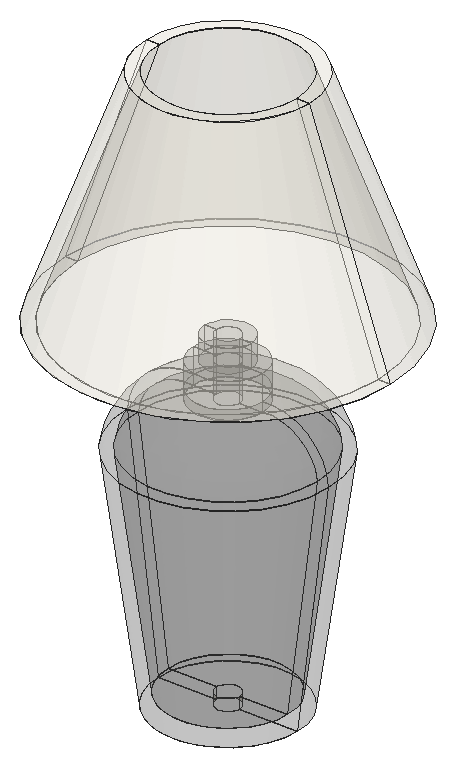
Revit family "facc4451d44141b4b69a1b977ac0e8b7", category Lighting Fixtures, Revit 2021
Family settings
  Round Connector Dimension = Use Diameter
  Part Type = Normal
  OmniClass Number = 23.80.70.11.11
  OmniClass Title = General Luminaries, Non Directional
  Seek Item ID = Table Lamp - Standard-0000-USA-ENU
  Work Plane-Based = No
  Always vertical = Yes
  Cut with Voids When Loaded = No
  Light Source = Yes
  Shared = No
  Room Calculation Point = No
Parameters (values of type "60W - 277V")
  Wattage = 60 W
  built-in parameter 1150110 = 1 (stored number, unit not read)
  built-in parameter 1114217 = 1 (stored number, unit not read)
  built-in parameter 1150109 = 1 (stored number, unit not read)
  built-in parameter 1150134 = 4
  built-in parameter 1150113 = 1 (stored number, unit not read)
  Tilt Angle = 90.00°
  Photometric Web File = "TLAE1A19.ies"
  built-in parameter 1150115 = 1 (stored number, unit not read)
  built-in parameter 1150105 = 68.039 (stored number, unit not read)
  Load Classification = Lighting - Dwelling Unit
  built-in parameter 1150137 = 1
  built-in parameter 1150139 = (empty or 0)
  built-in parameter 1150112 = 1 (stored number, unit not read)
  built-in parameter 1150114 = 1 (stored number, unit not read)
  built-in parameter 1150132 = (empty or 0)
  built-in parameter 1150102 = (empty or 0)
  built-in parameter 1150138 = (empty or 0)
  built-in parameter 1150107 = 2800 (stored number, unit not read)
  built-in parameter 1150106 = 0.68039 (stored number, unit not read)
  built-in parameter 1150104 = 1.3239 (stored number, unit not read)
  Dimming Lamp Color Temperature Shift = <None>
  Default Elevation = 0' - 0"
  Color Filter = 16777215
  built-in parameter 1140040 [instance] = 1
  Ballast Voltage = 277 V
  Ballast Number of Poles = 1
  built-in parameter 1114218 = 1 (stored number, unit not read)
  built-in parameter 1150133 = 10 (stored number, unit not read)
  Assembly Code = "D5020220"
  Base Material = Plastic, Opaque Black
  Lamp = "A-19"
  Lumens = 855 lm
  Shade Material = Glass, Frosted
  Wattage Comments = ""
  Apparent Load = 60 VA
Types (5): name | Wattage | Photometric Web File | built-in parameter 1150105 | built-in parameter 1150106 | built-in parameter 1150104 | Ballast Voltage | Lamp | Lumens | Apparent Load
  (no name) | 60 W | "TLAE1A19.ies" | 68.039 (stored number, unit not read) | 0.68039 (stored number, unit not read) | 1.3239 (stored number, unit not read) | 277 V | "A-19" | 855 lm | 60 VA
  60W - 120V | 60 W | "TLAE1A19.ies" | 68.039 (stored number, unit not read) | 0.68039 (stored number, unit not read) | 1.3239 (stored number, unit not read) | 120 V | "A-19" | 855 lm | 60 VA
  60W - 277V | 60 W | "TLAE1A19.ies" | 68.039 (stored number, unit not read) | 0.68039 (stored number, unit not read) | 1.3239 (stored number, unit not read) | 277 V | "A-19" | 855 lm | 60 VA
  100W - 120V | 100 W | "TLAE1A21.ies" | 95.493 (stored number, unit not read) | 0.95493 (stored number, unit not read) | 1.1148 (stored number, unit not read) | 120 V | "R-30" | 1200 lm | 100 VA
  100W - 277V | 100 W | "TLAE1A21.ies" | 95.493 (stored number, unit not read) | 0.95493 (stored number, unit not read) | 1.1148 (stored number, unit not read) | 277 V | "R-30" | 1200 lm | 100 VA
Reference planes (in)
  plane 1 "Light Source Axis": y = 0
  plane 2: z = 0
  plane 3 "Light Source Axis": x = 0
  plane 4 "Light Source Elevation": z = 19
Forms (in)
  Revolve 1, solid, material "Plastic, Opaque Black" <- "Base Material"
    sketch origin (0, 0, 0) x (1, 0, 0) y (0, 0, 1)
      loop
        line (0.5, 0) -> (3, 0) -> (4.3594, 9.90787)
        arc (4.3594, 9.90787) -> (3.41056, 11.66415) -> (1.5, 12.24258) r 2.62057
        line (1.5, 12.24258) -> (1.5, 11.82737)
        arc (1.5, 11.82737) -> (3.06044, 11.39426) -> (3.86563, 9.98918) r 2.1306
        line (3.86563, 9.98918) -> (2.58045, 0.5) -> (0.5, 0.5) -> (0.5, 0)
      axis (0, 0) -> (0, 12.24258)
    angle from 0 to 360
  Revolve 2, solid, material "Plastic, Opaque Black" <- "Base Material"
    sketch origin (0, 0, 0) x (1, 0, 0) y (0, 0, 1)
      loop
        line (1.5, 11.82737) -> (1.5, 13.32737) -> (0.5, 13.32737) -> (0.5, 11.82737) -> (1.5, 11.82737)
      axis (0, 13.32737) -> (0, 11.82737)
    angle from 0 to 360
  Revolve 3, solid, material "Plastic, Opaque Black" <- "Base Material"
    sketch origin (0, 0, 0) x (1, 0, 0) y (0, 0, 1)
      loop
        line (0.5, 13.32737) -> (1, 13.32737) -> (1, 14.32737) -> (0.5, 14.32737) -> (0.5, 13.32737)
      axis (0, 14.32737) -> (0, 13.32737)
    angle from 0 to 360
  Revolve 4, solid, material "Glass, Frosted" <- "Shade Material"
    sketch origin (0, 0, 0) x (1, 0, 0) y (0, 0, 1)
      loop
        line (6.4855, 14.83556) -> (7.0343, 14.83556) -> (3.51862, 24.49482) -> (2.96982, 24.49482) -> (6.4855, 14.83556)
      axis (0, 24.49482) -> (0, 14.83556)
    angle from 0 to 360
Lines and regions (in)
  symbolic lines
    curve 1: arc (7.0343, 0, 0) -> (0, 7.0343, 0) -> (-7.0343, 0, 0) r 7.0343
    curve 2: arc (-7.0343, 0, 0) -> (0, -7.0343, 0) -> (7.0343, 0, 0) r 7.0343
    curve 3: arc (3.51862, 0, 0) -> (0, 3.51862, 0) -> (-3.51862, 0, 0) r 3.51862
    curve 4: arc (-3.51862, 0, 0) -> (0, -3.51862, 0) -> (3.51862, 0, 0) r 3.51862
Dimensions and locks (in)
  aligned and locked: imposter light to plane 3 "Light Source Axis"
  aligned and locked: plane 1 "Light Source Axis" to imposter light
  aligned and locked: plane 4 "Light Source Elevation" to imposter light
Connectors (in)
  electrical at (0, 0, 24.49482), driven by "Apparent Load", driven by "Ballast Voltage", driven by "Ballast Number of Poles", driven by "Load Classification"
    settings: on Revolve 4, index 1, voltage 277 V, apparent load 0 VA, apparent load phase1 60 VA, apparent load phase2 0 VA, apparent load phase3 0 VA, power factor 0.95, load classification "Lighting - Dwelling Unit", number of poles 1, system type 31, power factor state 1, is connector primary yes, connector utility no, sub classification motor no, connector description ""
